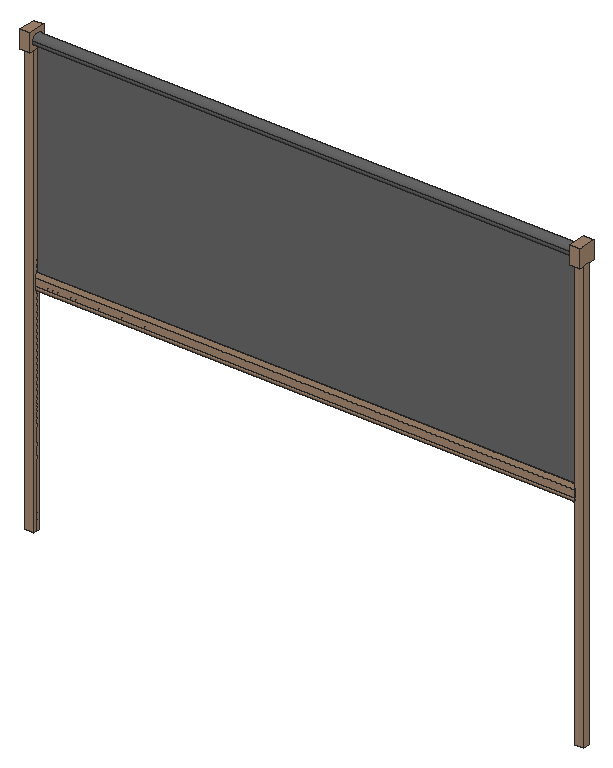
Revit family "Screen_LargeOpening_ExecutiveSeries-Recessed_PhantomScreens", category Doors, host Wall, Revit 2017
Family settings
  Host = Wall
  OmniClass Number = 23.30.60.21
  OmniClass Title = Insect Screens
  Always vertical = Yes
  Cut with Voids When Loaded = No
  Shared = No
  Room Calculation Point = No
Parameters (values of type "Type as Specified")
  Visual Light Transmittance = 0
  URL = "http://www.phantomscreens.com/"
  Type Comments = ""
  Track = Dark Acacia
  Thermal Resistance (R) = 0.0000 (h·ft²·°F)/BTU
  Specification = "http://www.phantomscreens.com/architects-designers/specifications-binder/"
  Solar Heat Gain Coefficient = 0
  Slide Bar Height = 0' - 3 11/16"
  Slide Bar = Dark Acacia
  Sizing Notes [instance] = if(or((Width > 25' 0"), (Height > 16' 0")), "Exceeds Maximum Size", "Standard Size")  # "Standard Size"
  Screen = Phifer TuffScreen No-See-Um – Charcoal
  Sales Information = "http://www.phantomscreens.com/support/"
  RollerRad [instance] = Roller Size / 2  # 0' - 1 1/4"
  Roller Size [instance] = if(or((Width > 20' 0"), (Height > 11' 0")), 0' 5", (if(or((Width > 10' 0"), (Height > 8' 0")), 0' 4", 0' 2 1/2")))  # 0' - 2 1/2"
  Revision = "R1_08-2016"
  Recessed Track Width = 0' - 2 7/64"
  Recessed Track = 0' - 1 3/8"
  Product Properties = "http://www.phantomscreens.com/drive/uploads/2015/05/technical_specs_exec.pdf"
  Product Data = "http://www.arcat.com/arcatcos/cos9540/arc40535.html"
  Percent Open [instance] = 50
  Model = "Executive  Series Recessed"
  Manufacturer Website = "http://www.phantomscreens.com/"
  Manufacturer Phone - Toll Free = ""
  Manufacturer Phone = "604-855-3654"
  Manufacturer Fax = "604-855-7834"
  Manufacturer Address = "30451 Simpson Rd.; Abbotsford; BC; Canada V2T 6C7"
  Manufacturer = "Phantom Screens"
  Keynote = "08 11 00"
  Installation-Fabrication = "http://www.phantomscreens.com/architects-designers/options/"
  Housing Size [instance] = if(or((Width > 20' 0"), (Height > 11' 0")), 0' 7 1/8", (if(or((Width > 10' 0"), (Height > 8' 0")), 0' 5 1/2", 0' 4")))  # 0' - 4"
  Heat Transfer Coefficient (U) = 0.1000 BTU/(h·ft²·°F)
  Function = Interior
  Frame Projection Ext. = 0' - 1"
  Frame Projection Int. = 0' - 1"
  Frame Width = 0' - 3"
  Height [instance] = 8' - 0"
  Wall Closure = By host
  Width [instance] = 10' - 0"
  Drawn By = "Sumex Design - Robert S Weygant"
  Description = "Phantom Screens Executive  Series Recessed Screen"
  Copyright = "� 2016 ARCAT Inc."
  Construction Details = "http://www.arcat.com/details/phantoms/95prod3444.html"
  Assembly Code = "B2020400"
  Analytic Construction = "<None>"
  Amount Open [instance] = Height * (Percent Open / 100)  # 4' - 0"
Reference planes (in)
  plane 1 "Center (Front/Back)": y = 0
  plane 2 "Center (Left/Right)": x = 0
  plane 3 "Left": x = -60
  plane 4 "Right": x = 60
  plane 5 "Top": z = 96
  plane 6 "Exterior": y = 4
  plane 7 "Interior": y = -4
  plane 8: x = -62.10938
  plane 9: x = 62.10937
  plane 10: y = 0.51562
  plane 11: y = -0.51562
  plane 12: z = 51.6875
  plane 13: z = 48
  plane 14: y = 0.6875
  plane 15: y = -0.6875
  plane 16: z = 100
  plane 17: y = 0.26562
  plane 18: y = -0.25
  plane 19: y = 2
  plane 20: y = -2
  plane 21: y = 0.04687
  plane 22: y = -0.04687
  plane 23: z = 98
Forms (in)
  Extrusion 1, void
    sketch origin (0, 0, 0) x (1, 0, 0) y (0, 1, 0)
      loop
        line (60, 0.6875) -> (60, -0.6875) -> (62.10937, -0.6875) -> (62.10937, 0.6875) -> (60, 0.6875)
    from 0 to 96
  Extrusion 2, void
    sketch origin (0, 0, 0) x (1, 0, 0) y (0, 1, 0)
      loop
        line (-62.10938, 0.6875) -> (-62.10938, -0.6875) -> (-60, -0.6875) -> (-60, 0.6875) -> (-62.10938, 0.6875)
    from 0 to 96
  Extrusion 3, void
    sketch origin (0, 0, 0) x (0, 1, 0) y (0, 0, 1)
      loop
        line (2, 100) -> (-2, 100) -> (-2, 96) -> (2, 96) -> (2, 100)
    from -62.10937 to 62.10937
  Extrusion 4, solid, material "Dark Acacia" <- "Track"
    sketch origin (0, 0, 0) x (1, 0, 0) y (0, 1, 0)
      loop
        line (-62.10938, 0.6875) -> (-62.10938, -0.6875) -> (-60, -0.6875) -> (-60, -0.04687) -> (-60.25, -0.04687) -> (-60.25, 0.04687) -> (-60, 0.04687) -> (-60, 0.6875) -> (-62.10938, 0.6875)
    from 0 to 96
  Extrusion 5, solid, material "Dark Acacia" <- "Track"
    sketch origin (0, 0, 0) x (1, 0, 0) y (0, 1, 0)
      loop
        line (60, 0.6875) -> (60, 0.04687) -> (60.25, 0.04687) -> (60.25, -0.04687) -> (60, -0.04687) -> (60, -0.6875) -> (62.10937, -0.6875) -> (62.10937, 0.6875) -> (60, 0.6875)
    from 0 to 96
  Extrusion 6, solid, material "Dark Acacia" <- "Track"
    sketch origin (0, 0, 0) x (1, 0, 0) y (0, 1, 0)
      loop
        line (-62.10938, 2) -> (-62.10938, -2) -> (-60, -2) -> (-60, 2) -> (-62.10938, 2)
    from 96 to 100
  Extrusion 7, solid, material "Dark Acacia" <- "Track"
    sketch origin (0, 0, 0) x (1, 0, 0) y (0, 1, 0)
      loop
        line (60, 2) -> (60, -2) -> (62.10937, -2) -> (62.10937, 2) -> (60, 2)
    from 96 to 100
  Extrusion 8, solid, material "Phifer TuffScreen No-See-Um – Charcoal" <- "Screen"
    sketch origin (0, 0, 0) x (0, 1, 0) y (0, 0, 1)
      loop
        circle (0, 98) r 1.25
    from -60 to 60
  Extrusion 9, solid, material "Phifer TuffScreen No-See-Um – Charcoal" <- "Screen"
    sketch origin (0, 0, 0) x (0, 1, 0) y (0, 0, 1)
      loop
        line (0.04687, 98) -> (-0.04688, 98) -> (-0.04688, 51.6875) -> (0.04687, 51.6875) -> (0.04687, 98)
    from -60 to 60
  Extrusion 10, void
    sketch origin (0, 0, 0) x (1, 0, 0) y (0, 0, 1)
      loop
        line (-60, 0) -> (60, 0) -> (60, 96) -> (-60, 96) -> (-60, 0)
    from -4 to 4
  Extrusion 11, solid, material "Dark Acacia" <- "Slide Bar"
    sketch origin (0, 0, 0) x (0, 1, 0) y (0, 0, 1)
      loop
        line (0.51562, 50.6372) -> (0.26563, 51.6875) -> (-0.25, 51.6875) -> (-0.51562, 50.6372) -> (-0.51562, 48.99605) -> (-0.25086, 48.99605)
        arc (-0.25086, 48.99605) -> (0, 48.01748) -> (0.25086, 48.99605) r 0.52144
        line (0.25086, 48.99605) -> (0.51562, 48.99605) -> (0.51562, 50.6372)
    from -60 to 60
Cuts and joins
  Extrusion 10 cuts Extrusion 4
  Extrusion 10 cuts Extrusion 5
Lines and regions (in)
  symbolic lines, style "Elevation Swing"
    curve 1: line (-60, 0, 96) -> (0, 0, 0)
    curve 2: line (0, 0, 0) -> (60, 0, 96)
Text (in)
  text "Exterior" at (-74.96733, 27.31104, 0), in view "Ref. Level"
  text "Interior" at (-74.96733, -25.14366, 0), in view "Ref. Level"
  text "Exterior" at (0, 40.15149, 123.01588), in view "Right"
  text "Interior" at (0, -64.39139, 123.01588), in view "Right"
  text "Interior" at (0, -31.01599, 123.00693), in view "Left"
  text "Exterior" at (0, 54.57065, 123.00693), in view "Left"
Dimensions and locks (in)
  equal spacing: plane 3 "Left", plane 2 "Center (Left/Right)", plane 4 "Right"
  "Height": level to plane 5 "Top"
  "Width": plane 3 "Left" to plane 4 "Right"
  host wall to plane 5 "Top" = 8' - 0"
  "Slide Bar Height": plane 13 to plane 12
  equal spacing: plane 15, host wall, plane 14
  "Recessed Track": plane 15 to plane 14
  "Housing Size": plane 5 "Top" to plane 16
  "Recessed Track Width": plane 8 to plane 3 "Left"
  "Recessed Track Width": plane 4 "Right" to plane 9
  equal spacing: plane 19, plane 1 "Center (Front/Back)", plane 20
  "Housing Size": plane 19 to plane 20
  locked: plane 4 "Right" to Extrusion 5 sketch curve at 0.25
  locked: Extrusion 4 sketch curve to plane 3 "Left" at 0.25
  equal spacing: plane 16, plane 23, plane 5 "Top"
  locked: plane 12 to Extrusion 11 sketch curve at 2.69145  (x2)
  locked: plane 12 to Extrusion 11 sketch curve at 3.14859
  "Amount Open": level to plane 13
  "RollerRad": radius of Extrusion 8 sketch curve
  aligned and locked: plane 6 "Exterior" to host wall
  aligned and locked: plane 7 "Interior" to host wall
  aligned and locked: Extrusion 1 sketch curve to plane 14
  aligned and locked: Extrusion 1 sketch curve to plane 4 "Right"
  aligned and locked: Extrusion 1 sketch curve to plane 15
  aligned and locked: Extrusion 1 sketch curve to plane 9
  aligned and locked: Extrusion 1 to plane 5 "Top"
  aligned and locked: Extrusion 2 sketch curve to plane 14
  aligned and locked: Extrusion 2 sketch curve to plane 8
  aligned and locked: Extrusion 2 sketch curve to plane 15
  aligned and locked: plane 3 "Left" to Extrusion 2 sketch curve
  aligned and locked: Extrusion 2 to plane 5 "Top"
  aligned and locked: plane 16 to Extrusion 3 sketch curve
  aligned and locked: plane 19 to Extrusion 3 sketch curve
  aligned and locked: plane 5 "Top" to Extrusion 3 sketch curve
  aligned and locked: plane 20 to Extrusion 3 sketch curve
  aligned and locked: plane 9 to Extrusion 3
  aligned and locked: plane 8 to Extrusion 3
  aligned and locked: plane 5 "Top" to Extrusion 3
  aligned and locked: plane 16 to Extrusion 3  (x2)
  aligned and locked: Extrusion 4 sketch curve to Extrusion 2  (x4)
  aligned and locked: Extrusion 5 sketch curve to Extrusion 1  (x4)
  aligned and locked: Extrusion 6 sketch curve to Extrusion 3  (x3)
  aligned and locked: plane 3 "Left" to Extrusion 6 sketch curve
  aligned and locked: Extrusion 7 sketch curve to Extrusion 3  (x3)
  aligned and locked: Extrusion 7 sketch curve to plane 4 "Right"
  aligned and locked: plane 16 to Extrusion 7
  aligned and locked: plane 5 "Top" to Extrusion 7
  aligned and locked: plane 16 to Extrusion 6
  aligned and locked: plane 5 "Top" to Extrusion 6
  aligned and locked: plane 23 to Extrusion 9 sketch curve
  aligned and locked: Extrusion 9 sketch curve to plane 21
  aligned and locked: Extrusion 9 sketch curve to plane 12
  aligned and locked: Extrusion 9 sketch curve to plane 22
  aligned and locked: Extrusion 9 to plane 4 "Right"
  aligned and locked: plane 3 "Left" to Extrusion 9
  aligned and locked: plane 4 "Right" to Extrusion 1
  aligned and locked: Extrusion 4 to plane 3 "Left"  (x2)
  aligned and locked: Extrusion 1 to plane 4 "Right"
  aligned and locked: Extrusion 2 to plane 3 "Left"
  aligned and locked: Extrusion 9 to plane 3 "Left"
  aligned and locked: plane 4 "Right" to Extrusion 5
  aligned and locked: plane 4 "Right" to Extrusion 9
  aligned and locked: Extrusion 10 sketch curve to plane 4 "Right"
  aligned and locked: Extrusion 10 sketch curve to plane 5 "Top"
  aligned and locked: plane 3 "Left" to Extrusion 10 sketch curve
  aligned and locked: Extrusion 10 sketch curve to level
  aligned and locked: plane 23 to Extrusion 8 sketch curve
  aligned and locked: host wall to Extrusion 8 sketch curve
  aligned and locked: Extrusion 8 to plane 4 "Right"
  aligned and locked: plane 3 "Left" to Extrusion 8
  aligned and locked: Extrusion 4 to plane 5 "Top"
  aligned and locked: Extrusion 5 to plane 5 "Top"
  aligned and locked: plane 21 to Extrusion 5 sketch curve
  aligned and locked: plane 22 to Extrusion 5 sketch curve
  aligned and locked: Extrusion 4 sketch curve to plane 21
  aligned and locked: Extrusion 4 sketch curve to plane 22
  aligned and locked: plane 3 "Left" to Extrusion 4 sketch curve
  aligned and locked: plane 12 to Extrusion 11 sketch curve
  aligned and locked: Extrusion 11 sketch curve to plane 11
  aligned and locked: Extrusion 11 sketch curve to plane 10
  aligned and locked: host wall to Extrusion 10  (x2)
  aligned and locked: plane 3 "Left" to Extrusion 11
  aligned and locked: Extrusion 11 to plane 4 "Right"
Automatic sketch dimensions
  Extrusion 5 sketch curve to plane 4 "Right" = 0' - 0"
  Extrusion 11 sketch curve to plane 18 = 0' - 0"
  Extrusion 11 sketch curve to host wall = 0' - 0"
  Extrusion 11 sketch curve to plane 17 = 0' - 0"
  Extrusion 11 sketch curve to plane 18 = 0' - 0.00086"
  Extrusion 11 sketch curve to Extrusion 11 sketch curve = 0' - 0"
  Extrusion 11 sketch curve to plane 12 = 0' - 1.0503"
  curve 2 to plane 5 "Top" = 0' - 0"
  curve 1 to plane 5 "Top" = 0' - 0"
  plane 3 "Left" to curve 1 = 0' - 0"
  curve 2 to level = 0' - 0"
  curve 2 to plane 2 "Center (Left/Right)" = 0' - 0"
  plane 4 "Right" to curve 2 = 0' - 0"
